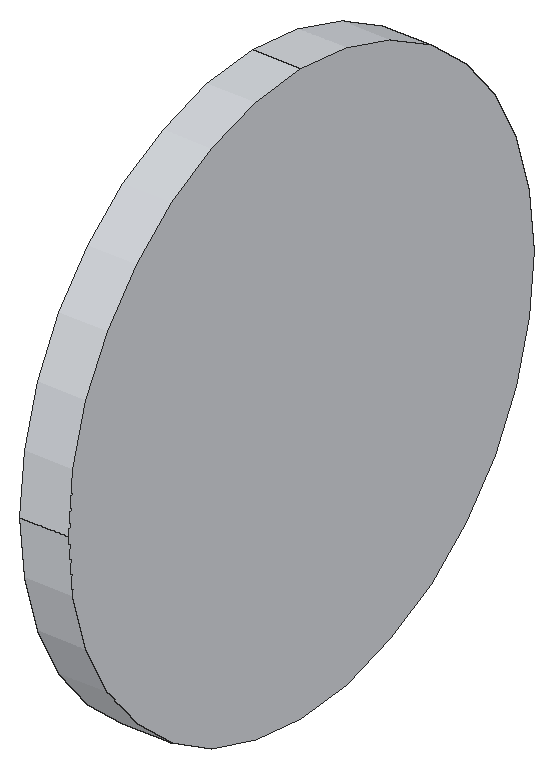
Revit family "ac4292ff506e4a4a8a980d17e692c75d", category Duct Fittings, Revit 2021
Family settings
  Round Connector Dimension = Use Radius
  Part Type = Cap
  OmniClass Number = 23.75.70.14
  OmniClass Title = Air Ductwork
  Seek Item ID = Round Endcap-0000-USA-ENU
  Work Plane-Based = No
  Always vertical = Yes
  Cut with Voids When Loaded = No
  Shared = No
Parameters (values of type "Standard")
  built-in parameter 1114242 [instance] = (empty or 0)
  Duct Radius [instance] = 6"
  Duct Length = 1"
  Default Elevation = 0' - 0"
Reference planes (in)
  plane 1 "Center (Front/Back)": y = 0
  plane 2: z = 0
  plane 3 "Center (Left/Right)": x = 0
  plane 4: x = 1
  plane 5: x = 1
  plane 6: y = 6
  plane 7: y = -6
Forms (in)
  Sweep 1, solid, detail levels medium+fine
    path in 3D
      loop
        line (0, 0, 0) -> (1, 0, 0)
    profile "Duct - Round : Duct - Round" origin (0.5, 0, 0) x (0, 1, 0) y (0, 0, 1)
      loop
        arc (-6, 0) -> (-4.24264, -4.24264) -> (0, -6) r 6
        arc (0, -6) -> (4.24264, -4.24264) -> (6, 0) r 6
        arc (6, 0) -> (4.24264, 4.24264) -> (0, 6) r 6
        arc (0, 6) -> (-4.24264, 4.24264) -> (-6, 0) r 6
Lines and regions (in)
  reference lines
    curve 1: line (0, 0, 0) -> (1, 0, 0)
    curve 2: line (0, 0, 0) -> (1, 0, 0)
  sketch lines
    curve 3: line (0, 0, 0) -> (1, 0, 0)
  model lines, style "DuctFitting", detail levels coarse
    curve 4: line (0, 6, 0) -> (-4, 6, 0)
    curve 5: line (0, 6, 0) -> (0, -6, 0)
    curve 6: line (0, -6, 0) -> (-4, -6, 0)
Dimensions and locks (in)
  "Duct Length": plane 3 "Center (Left/Right)" to plane 4
  "Duct Radius": plane 1 "Center (Front/Back)" to plane 6
  "Duct Radius": plane 1 "Center (Front/Back)" to plane 7
  aligned and locked: plane 4 to curve 1
  aligned and locked: plane 3 "Center (Left/Right)" to curve 1
  aligned and locked: plane 3 "Center (Left/Right)" to curve 2
  aligned and locked: plane 6 to curve 4
  aligned and locked: curve 5 to plane 3 "Center (Left/Right)"
  aligned and locked: plane 7 to curve 6
  aligned and locked: plane 1 "Center (Front/Back)" to curve 1
Automatic sketch dimensions
  curve 2 to plane 5 = 0' - 0"
  curve 6 to curve 6 = 0' - 4"
  curve 4 to curve 4 = 0' - 4"
  curve 2 to plane 1 "Center (Front/Back)" = 0' - 0"
Connectors (in)
  hvac at (0, 0, 0), driven by "Duct Radius"
    settings: on Sweep 1, index 1, duct flow 0 CFM, flow factor 0, pres drop 0.00 in-wg, loss coef 0, conn angle 0.00°, conn width 12", conn height 12", conn diameter 12", duct sys type 28, conn prof type 0, flow config 0, flow direction 0, loss method 0, conn ref index -1, conn util no, is conn primary yes, conn desc ""
